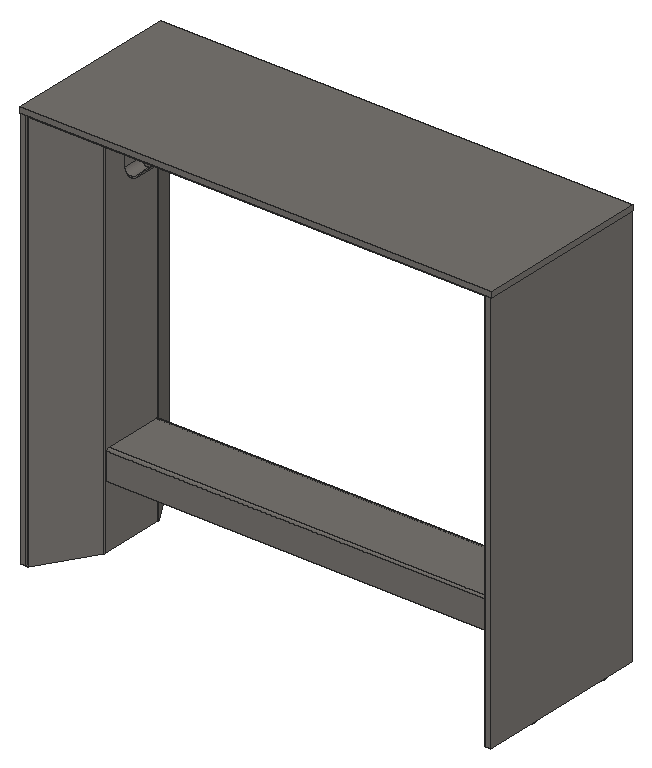
Revit family "revitupgrade", category Furniture, Revit 2020
Family settings
  OmniClass Number = 23.40.70.14.64.11
  OmniClass Title = Office Furniture
  Work Plane-Based = No
  Always vertical = Yes
  Cut with Voids When Loaded = No
  Shared = No
  Room Calculation Point = No
Parameters (values of type "48W")
  Width = 48.00"
  URL = "https://www.steelcase.com/products/lounge-chairs/turnstone-campfire-collection/"
  Top [instance] = Steelcase - 25L6 Blackwood LPL
  Symbol Name = "TS4TPSTS48A,TS4TPSTS48A2,TS4TPSTS48A3"
  Style Number(s) = "TS4TPSTS48"
  Release Date = "January 2022"  # constant formula
  Receptacle = Steelcase - 6249 Platinum Solid
  Manufacturer = "Steelcase"  # constant formula
  Frame [instance] = Steelcase - 25L6 Blackwood LPL
  Footshelf [instance] = Steelcase - 25L6 Blackwood LPL
  Description = "Campfires draw us together. They create closeness in open space. They are the center of attention"  # constant formula
  Default Elevation = 0.00"
  Copyright = "© 2010 Steelcase Inc."  # constant formula
  AutoCAD Tag = "48"
  Assembly Code = "E2020200"
Types (2): name | Width | Symbol Name | Style Number(s) | AutoCAD Tag
  60W | 60.00" | "TS4TPSTS60A5,TS4TPSTS60A6,TS4TPSTS60A4" | "TS4TPSTS60" | "60"
  48W | 48.00" | "TS4TPSTS48A,TS4TPSTS48A2,TS4TPSTS48A3" | "TS4TPSTS48" | "48"
Reference planes (in)
  plane 1 "Center Front/Back": y = 0
  plane 2 "Bottom": z = 0
  plane 3 "Center Left/Right": x = 0
  plane 4: x = 48
  plane 5: z = 0.3189
  plane 6: y = -0.0395
  plane 7: y = -17.96063
  plane 8: y = -17.99999
  plane 9: x = 0.07855
  plane 10: x = 47.92143
  plane 11: x = 47.40648
  plane 12: x = 0.59351
  plane 13: x = 0.77099
  plane 14: through (0, -14.08785, 38.93183) normal (0, -0.5323, -0.8465)
  plane 15: through (0, -0.97067, 40.78146) normal (0, -0.5323, 0.8465)
  plane 16: y = -9
  plane 17: x = 4.22243
  plane 18: x = 43.77769
  plane 19: x = 24
Forms (in)
  Extrusion 1, solid, material "Steelcase - 25L6 Blackwood LPL" <- "Top"
    sketch origin (0, 0, 0) x (1, 0, 0) y (0, 1, 0)
      loop
        line (0, -0.0395) -> (0, -17.99999) -> (48, -17.99999) -> (48, -0.0395) -> (0, -0.0395)
    from 41.46425 to 42.01424
  Extrusion 2, solid, material "Steelcase - 25L6 Blackwood LPL" <- "Top"
    sketch origin (0, 0, 0) x (1, 0, 0) y (0, 0, 1)
      loop
        line (0.07855, 41.46425) -> (0.07855, 0.3189) -> (0.59351, 0.3189) -> (0.59351, 41.46425) -> (0.07855, 41.46425)
      loop
        line (47.40648, 41.46425) -> (47.40648, 0.3189) -> (47.92143, 0.3189) -> (47.92143, 41.46425) -> (47.40648, 41.46425)
    from 0.0395 to 17.96063
  Extrusion 3, solid, material "Steelcase - 25L6 Blackwood LPL" <- "Frame"
    sketch origin (66, 0, 0) x (-1, 0, 0) y (0, -1, 0)
      loop
        line (18.59352, 17.82528) -> (18.59352, 0.17703)
        arc (18.59352, 0.17703) -> (18.67384, 0.06783) -> (18.80201, 0.11197) r 0.11439
        line (18.80201, 0.11197) -> (22.1626, 5.49014)
        arc (22.1626, 5.49014) -> (22.20708, 5.59007) -> (22.22231, 5.69838) r 0.39298
        line (22.22231, 5.69838) -> (22.22231, 12.29793)
        arc (22.22231, 12.29793) -> (22.20659, 12.40978) -> (22.16065, 12.51296) r 0.40578
        line (22.16065, 12.51296) -> (18.79981, 17.89153)
        arc (18.79981, 17.89153) -> (18.67251, 17.93361) -> (18.59352, 17.82528) r 0.11378
    from 0.3189 to 41.46425
  Extrusion 4, solid, material "Steelcase - 25L6 Blackwood LPL" <- "Frame"
    sketch origin (0, 0, 0) x (0, 1, 0) y (0, 0, 1)
      loop
        line (-5.46283, 37.95673) -> (-0.24075, 41.24044)
        arc (-0.24075, 41.24044) -> (-0.18881, 41.37662) -> (-0.30527, 41.46425) r 0.1212
        line (-0.30527, 41.46425) -> (-17.6872, 41.46425)
        arc (-17.6872, 41.46425) -> (-17.80574, 41.37505) -> (-17.75287, 41.23644) r 0.12337
        line (-17.75287, 41.23644) -> (-12.53716, 37.95673)
        arc (-12.53716, 37.95673) -> (-12.4095, 37.89956) -> (-12.271, 37.88) r 0.5
        line (-12.271, 37.88) -> (-5.72899, 37.88)
        arc (-5.72899, 37.88) -> (-5.59049, 37.89956) -> (-5.46283, 37.95673) r 0.5
    from 0.59351 to 47.40648
  Extrusion 5, solid, material "Steelcase - 6205 Black"
    sketch origin (0, 0, 0) x (1, 0, 0) y (0, 1, 0)
      loop
        circle (0.77099, -3.1212) r 0.5
      loop
        circle (0.77099, -12.10628) r 0.5
      loop
        circle (47.17229, -3.12265) r 0.5
      loop
        circle (47.17069, -12.10628) r 0.5
    from 0 to 0.3189
  Extrusion 6, solid, material "Steelcase - 25L6 Blackwood LPL" <- "Footshelf"
    sketch origin (0, 0, 0) x (0, 1, 0) y (0, 0, 1)
      loop
        arc (-5.93237, 9.74631) -> (-5.83589, 9.70634) -> (-5.79592, 9.60986) r 0.13645
        line (-5.79592, 9.60986) -> (-5.79592, 6.84929) -> (-5.69293, 6.84929) -> (-5.69293, 9.61591)
        arc (-5.69293, 9.61591) -> (-5.76128, 9.78094) -> (-5.92631, 9.84929) r 0.23339
        line (-5.92631, 9.84929) -> (-12.07776, 9.84929)
        arc (-12.07776, 9.84929) -> (-12.23993, 9.78212) -> (-12.30711, 9.61995) r 0.22935
        line (-12.30711, 9.61995) -> (-12.30711, 6.85081) -> (-12.20411, 6.85081) -> (-12.20411, 9.61509)
        arc (-12.20411, 9.61509) -> (-12.16568, 9.70788) -> (-12.07289, 9.74631) r 0.13122
        line (-12.07289, 9.74631) -> (-5.93237, 9.74631)
    from 4.22243 to 43.77769
  Extrusion 7, solid, material "Steelcase - 25L6 Blackwood LPL" <- "Frame"
    sketch origin (-6, 0, 0) x (1, 0, 0) y (0, 1, 0)
      loop
        arc (6.59351, -17.82528) -> (6.67255, -17.93363) -> (6.79986, -17.89144) r 0.11378
        line (6.79986, -17.89144) -> (10.16077, -12.51277)
        arc (10.16077, -12.51277) -> (10.20671, -12.40959) -> (10.22243, -12.29774) r 0.40578
        line (10.22243, -12.29774) -> (10.22243, -5.69857)
        arc (10.22243, -5.69857) -> (10.2072, -5.59026) -> (10.16271, -5.49033) r 0.39298
        line (10.16271, -5.49033) -> (6.80208, -0.11209)
        arc (6.80208, -0.11209) -> (6.6739, -0.06781) -> (6.59351, -0.17703) r 0.11439
        line (6.59351, -0.17703) -> (6.59351, -17.82528)
    from 0.3189 to 41.46425
  Extrusion 8, solid, material "Steelcase - 25L6 Blackwood LPL" <- "Frame"
    sketch origin (0, 0, 0) x (1, 0, 0) y (0, 0, 1)
      loop
        line (4.2975, 36.63669) -> (4.22243, 36.63669) -> (4.22243, 34.55698)
        arc (4.22243, 34.55698) -> (4.69147, 33.86159) -> (5.51193, 34.03598) r 0.75
        line (5.51193, 34.03598) -> (6.62404, 35.1876) -> (6.57224, 35.23939) -> (5.4602, 34.08784)
        arc (5.4602, 34.08784) -> (4.72042, 33.93059) -> (4.2975, 34.5576) r 0.67625
        line (4.2975, 34.5576) -> (4.2975, 36.63669)
    from 7.99996 to 9.99998
  Extrusion 9, solid, material "Steelcase - 25L6 Blackwood LPL" <- "Frame"
    sketch origin (48, 0, 0) x (-1, 0, 0) y (0, 0, -1)
      loop
        line (4.2975, -36.63669) -> (4.2975, -34.5576)
        arc (4.2975, -34.5576) -> (4.72042, -33.93059) -> (5.4602, -34.08784) r 0.67625
        line (5.4602, -34.08784) -> (6.57224, -35.23939) -> (6.62404, -35.1876) -> (5.51181, -34.03586)
        arc (5.51181, -34.03586) -> (4.69135, -33.86146) -> (4.22231, -34.55685) r 0.75
        line (4.22231, -34.55685) -> (4.22231, -36.63669) -> (4.2975, -36.63669)
    from 7.99996 to 9.99998
  Extrusion 10, void
    sketch origin (-0.15625, 0, 0) x (1, 0, 0) y (0, 1, 0)
      loop
        line (5.26271, -7.97571) -> (6.26611, -8.10659)
        arc (6.26611, -8.10659) -> (6.44211, -8.20789) -> (6.53029, -8.39082) r 0.34391
        line (6.53029, -8.39082) -> (6.53029, -9.60918)
        arc (6.53029, -9.60918) -> (6.43486, -9.79968) -> (6.24552, -9.89741) r 0.34391
        line (6.24552, -9.89741) -> (5.05829, -10.02138) -> (5.05829, -10.24996) -> (7.2102, -10.24996) -> (7.2102, -7.49996) -> (5.26271, -7.49996) -> (5.26271, -7.97571)
    from 20.31768 to 36.63669
  Extrusion 11, void
    sketch origin (48.15625, 0, 0) x (-1, 0, 0) y (0, -1, 0)
      loop
        line (5.26271, 7.97571) -> (5.26271, 7.49996) -> (7.2102, 7.49996) -> (7.2102, 10.24996) -> (5.05829, 10.24996) -> (5.05829, 10.02138) -> (6.24552, 9.89741)
        arc (6.24552, 9.89741) -> (6.43486, 9.79968) -> (6.53029, 9.60918) r 0.34391
        line (6.53029, 9.60918) -> (6.53029, 8.39082)
        arc (6.53029, 8.39082) -> (6.44211, 8.20789) -> (6.26611, 8.10659) r 0.34391
        line (6.26611, 8.10659) -> (5.26271, 7.97571)
    from 20.31768 to 36.63669
  Extrusion 12, solid, material "Steelcase - 6249 Platinum Solid" <- "Receptacle"
    sketch origin (0, -14.08785, 38.93183) x (0, -0.846544, 0.532319) y (-1, 0, 0)
      loop
        line (1.84584, -22.42039) -> (0.0962, -22.42039) -> (0.0962, -25.56436) -> (1.84584, -25.56436) -> (1.84584, -22.42039)
    from 0 to 0.06421
  Extrusion 13, solid, material "Steelcase - 6249 Platinum Solid" <- "Receptacle"
    sketch origin (0, -14.12203, 38.87747) x (0, -0.846544, 0.532319) y (-1, 0, 0)
      loop
        line (1.79268, -23.46387) -> (0.29268, -23.46387) -> (0.29268, -24.53613) -> (1.79268, -24.53613) -> (1.79268, -23.46387)
      loop
        line (1.59888, -23.68635) -> (0.80293, -23.68635) -> (0.80293, -23.81246) -> (1.59888, -23.81246) -> (1.59888, -23.68635)
      loop
        line (1.56539, -24.17851) -> (0.93407, -24.17851) -> (0.93407, -24.30135) -> (1.56539, -24.30135) -> (1.56539, -24.17851)
      loop
        line (1.00537, -23.88104) -> (0.6373, -23.88104) -> (0.6373, -24.12519) -> (1.00537, -24.12519) -> (1.00537, -23.88104)
    from 0 to 0.04
  Extrusion 14, solid, material "Steelcase - 6249 Platinum Solid" <- "Receptacle"
    sketch origin (0, -3.91214, 38.93183) x (0, 0.846544, 0.532319) y (1, 0, 0)
      loop
        line (1.84584, 22.42039) -> (1.84584, 25.56436) -> (0.0962, 25.56436) -> (0.0962, 22.42039) -> (1.84584, 22.42039)
    from 0 to 0.06421
  Extrusion 15, solid, material "Steelcase - 6249 Platinum Solid" <- "Receptacle"
    sketch origin (0, -3.87796, 38.87747) x (0, 0.846544, 0.532319) y (1, 0, 0)
      loop
        line (1.79268, 23.46387) -> (1.79268, 24.53613) -> (0.29268, 24.53613) -> (0.29268, 23.46387) -> (1.79268, 23.46387)
      loop
        line (1.59888, 23.68635) -> (1.59888, 23.81246) -> (0.80293, 23.81246) -> (0.80293, 23.68635) -> (1.59888, 23.68635)
      loop
        line (1.56539, 24.17851) -> (1.56539, 24.30135) -> (0.93407, 24.30135) -> (0.93407, 24.17851) -> (1.56539, 24.17851)
      loop
        line (1.00537, 23.88104) -> (1.00537, 24.12519) -> (0.6373, 24.12519) -> (0.6373, 23.88104) -> (1.00537, 23.88104)
    from 0 to 0.04
Cuts and joins
  Extrusion 10 cuts Extrusion 6
  Extrusion 10, Extrusion 11 cuts Extrusion 8
  Extrusion 11 cuts Extrusion 9
Lines and regions (in)
  Masking region 1
    outline origin (0, 0, 0) x (1, 0, 0) y (0, 1, 0)
      loop
        line (48, 0) -> (0, 0) -> (0, -17.99999) -> (48, -17.99999) -> (48, 0)
Dimensions and locks (in)
  locked: plane 5 to plane 2 "Bottom" at 0.3189
  plane 3 "Center Left/Right" to plane 9 to plane 12 to plane 13 to plane 17 = 0.07855" locked, 0.51496" locked, 0.17748" locked, 3.45144" locked
  plane 18 to plane 11 to plane 10 to plane 4 = 3.62879" locked, 0.51495" locked, 0.07857" locked
  equal spacing: plane 1 "Center Front/Back", plane 16, plane 8
  locked: plane 6 to plane 1 "Center Front/Back" at 0.0395
  locked: plane 8 to plane 7 at 0.03937
  "Width": plane 3 "Center Left/Right" to plane 4
  equal spacing: plane 3 "Center Left/Right", plane 19, plane 4
  locked: plane 18 to Extrusion 9 sketch curve at 0.07519
  locked: plane 16 to Extrusion 10 sketch curve at 1.50003
  locked: Extrusion 10 sketch curve to plane 16 at 1.24997
  plane 17 to Extrusion 10 sketch curve = 0.88403"
  Extrusion 12 sketch curve to plane 19 to Extrusion 12 sketch curve = 1.56436" locked, 1.57961" locked
  equal spacing: Extrusion 13 sketch curve, plane 19, Extrusion 13 sketch curve, locked at 0.53613 each
  Extrusion 13 sketch curve to Extrusion 13 sketch curve to plane 19 to Extrusion 13 sketch curve to Extrusion 13 sketch curve = 0.12284" locked, 0.17851" locked, 0.18754" locked, 0.12611" locked
  Extrusion 13 sketch curve to plane 19 to Extrusion 13 sketch curve = 0.12519" locked, 0.11896" locked
  Extrusion 14 sketch curve to Extrusion 14 sketch curve = 3.14397"
  Extrusion 15 sketch curve to Extrusion 15 sketch curve = 1.07225"
  Extrusion 15 sketch curve to Extrusion 15 sketch curve to Extrusion 15 sketch curve to Extrusion 15 sketch curve = 0.12611" locked, 0.36605", 0.12284" locked
  Extrusion 15 sketch curve to Extrusion 15 sketch curve = 0.24416"
  aligned and locked: level to plane 2 "Bottom"
  aligned and locked: Extrusion 1 to plane 6
  aligned and locked: plane 7 to Extrusion 2
  aligned and locked: plane 8 to Extrusion 1
  aligned and locked: Extrusion 2 to plane 7  (x2)
  aligned and locked: Extrusion 2 to plane 6
  aligned and locked: Extrusion 3 to plane 11
  aligned and locked: plane 11 to Extrusion 2
  aligned and locked: plane 12 to Extrusion 2
  aligned and locked: plane 5 to Extrusion 5
  aligned and locked: Extrusion 4 to plane 11
  aligned and locked: Extrusion 6 to plane 17
  aligned and locked: Extrusion 6 to plane 18
  aligned and locked: plane 18 to Extrusion 3 sketch curve
  aligned and locked: Extrusion 3 sketch curve to plane 11
  aligned and locked: plane 12 to Extrusion 7 sketch curve
  aligned and locked: Extrusion 7 sketch curve to plane 17
  aligned and locked: plane 18 to Extrusion 9 sketch curve
Automatic sketch dimensions
  Extrusion 12 sketch curve to Extrusion 12 sketch curve = 1.74964"
  Extrusion 13 sketch curve to Extrusion 12 = 0.19648"
  Extrusion 13 sketch curve to Extrusion 13 sketch curve = 0.34461"
  Extrusion 13 sketch curve to Extrusion 13 sketch curve = 0.29678"
  Extrusion 13 sketch curve to Extrusion 13 sketch curve = 0.16563"
  Extrusion 13 sketch curve to Extrusion 13 sketch curve = 0.0713"
  Extrusion 13 sketch curve to Extrusion 12 = 0.28045"
  Extrusion 13 sketch curve to Extrusion 12 = 0.24696"
  Extrusion 13 sketch curve to Extrusion 12 = 0.05316"
  Extrusion 13 sketch curve to Extrusion 13 sketch curve = 0.22248"
  Extrusion 1 sketch curve to plane 3 "Center Left/Right" = 0.00"
  Extrusion 1 sketch curve to plane 4 = 0.00"
  plane 8 to Extrusion 1 sketch curve = 0.00"
  plane 6 to Extrusion 1 sketch curve = 0.00"
  Extrusion 2 sketch curve to plane 5 = 0.00"  (x2)
  Extrusion 2 sketch curve to plane 9 = 0.00"
  Extrusion 2 sketch curve to plane 12 = 0.00"
  plane 11 to Extrusion 2 sketch curve = 0.00"
  plane 10 to Extrusion 2 sketch curve = 0.00"
  Extrusion 2 sketch curve to Extrusion 2 sketch curve = 41.14535"
  plane 5 to Extrusion 2 sketch curve = 41.14535"
  plane 1 "Center Front/Back" to Masking region 1 sketch curve = 0.00"
  Masking region 1 sketch curve to plane 3 "Center Left/Right" = 0.00"
  Masking region 1 sketch curve to plane 4 = 0.00"
  plane 8 to Masking region 1 sketch curve = 0.00"
  Extrusion 3 sketch curve to Extrusion 3 sketch curve = 0.11378"
  Extrusion 3 sketch curve to Extrusion 3 sketch curve = 0.11439"
  plane 7 to Extrusion 3 sketch curve = 0.0691"
  Extrusion 3 sketch curve to Extrusion 3 sketch curve = 0.09251"
  Extrusion 3 sketch curve to plane 6 = 0.07247"
  Extrusion 3 sketch curve to Extrusion 3 sketch curve = 0.09409"
  plane 18 to Extrusion 3 sketch curve = 0.40578"
  plane 18 to Extrusion 3 sketch curve = 0.39298"
  plane 18 to Extrusion 3 sketch curve = 0.06166"
  plane 18 to Extrusion 3 sketch curve = 0.05971"
  Extrusion 3 sketch curve to plane 16 = 3.51296"
  plane 16 to Extrusion 3 sketch curve = 3.30161"
  Extrusion 4 sketch curve to plane 14 = 0.00"
  plane 14 to Extrusion 4 sketch curve = 0.00"
  Extrusion 4 sketch curve to plane 15 = 0.00"
  plane 15 to Extrusion 4 sketch curve = 0.00"
  Extrusion 4 sketch curve to plane 7 = 0.20775"
  Extrusion 4 sketch curve to Extrusion 4 sketch curve = 0.06567"
  plane 16 to Extrusion 4 sketch curve = 3.53716"
  Extrusion 4 sketch curve to Extrusion 4 sketch curve = 0.26616"  (x2)
  Extrusion 4 sketch curve to plane 16 = 3.27101"
  plane 6 to Extrusion 4 sketch curve = 0.26577"
  Extrusion 4 sketch curve to Extrusion 4 sketch curve = 0.06452"
  Extrusion 4 sketch curve to Extrusion 4 sketch curve = 0.07673"
  Extrusion 4 sketch curve to Extrusion 4 sketch curve = 0.10444"
  Extrusion 5 sketch curve to plane 13 = 0.00"  (x2)
  plane 11 to Extrusion 5 sketch curve = 0.23578"
  plane 11 to Extrusion 5 sketch curve = 0.23419"
  plane 16 to Extrusion 5 sketch curve = 3.10628"  (x2)
  plane 6 to Extrusion 5 sketch curve = 3.08315"
  plane 6 to Extrusion 5 sketch curve = 3.0817"
  plane 16 to Extrusion 6 sketch curve = 3.30711"
  Extrusion 6 sketch curve to Extrusion 6 sketch curve = 0.103"  (x2)
  Extrusion 6 sketch curve to Extrusion 6 sketch curve = 0.12635"
  Extrusion 6 sketch curve to Extrusion 6 sketch curve = 0.00487"
  Extrusion 6 sketch curve to plane 16 = 3.06762"
  Extrusion 6 sketch curve to Extrusion 6 sketch curve = 0.00606"
  Extrusion 6 sketch curve to Extrusion 6 sketch curve = 0.13039"
  plane 5 to Extrusion 6 sketch curve = 6.53039"
  Extrusion 6 sketch curve to Extrusion 6 sketch curve = 0.00151"
  Extrusion 6 sketch curve to Extrusion 6 sketch curve = 2.76056"
  Extrusion 6 sketch curve to Extrusion 6 sketch curve = 0.00605"
  Extrusion 7 sketch curve to plane 13 = 0.06369"
  Extrusion 7 sketch curve to plane 13 = 0.06308"
  plane 13 to Extrusion 7 sketch curve = 0.02887"
  plane 13 to Extrusion 7 sketch curve = 0.03109"
  Extrusion 7 sketch curve to plane 17 = 0.40578"
  Extrusion 7 sketch curve to Extrusion 7 sketch curve = 0.39298"
  Extrusion 7 sketch curve to plane 17 = 0.06166"
  Extrusion 7 sketch curve to plane 17 = 0.05971"
  Extrusion 7 sketch curve to plane 7 = 0.06918"
  plane 16 to Extrusion 7 sketch curve = 3.51277"
  Extrusion 7 sketch curve to plane 16 = 3.30142"
  plane 6 to Extrusion 7 sketch curve = 0.13753"
  Extrusion 8 sketch curve to plane 17 = 0.00"
  Extrusion 8 sketch curve to Extrusion 8 sketch curve = 0.07507"
  Extrusion 8 sketch curve to Extrusion 8 sketch curve = 0.67493"
  Extrusion 8 sketch curve to Extrusion 8 sketch curve = 0.00132"
  Extrusion 8 sketch curve to Extrusion 8 sketch curve = 0.48645"
  Extrusion 8 sketch curve to Extrusion 8 sketch curve = 0.05173"
  Extrusion 8 sketch curve to Extrusion 8 sketch curve = 1.11204"
  Extrusion 8 sketch curve to Extrusion 8 sketch curve = 0.05179"  (x2)
  plane 5 to Extrusion 8 sketch curve = 33.71708"
  Extrusion 8 sketch curve to Extrusion 8 sketch curve = 0.05186"
  Extrusion 8 sketch curve to Extrusion 8 sketch curve = 1.15162"
  Extrusion 8 sketch curve to Extrusion 8 sketch curve = 2.07971"
  Extrusion 9 sketch curve to Extrusion 9 sketch curve = 0.67481"
  Extrusion 9 sketch curve to Extrusion 9 sketch curve = 0.00144"
  Extrusion 9 sketch curve to Extrusion 9 sketch curve = 0.48645"
  Extrusion 9 sketch curve to Extrusion 9 sketch curve = 0.05161"
  Extrusion 9 sketch curve to Extrusion 9 sketch curve = 1.11204"
  Extrusion 9 sketch curve to Extrusion 9 sketch curve = 0.05179"  (x2)
  Extrusion 9 sketch curve to plane 5 = 33.71696"
  Extrusion 9 sketch curve to Extrusion 9 sketch curve = 0.05198"
  Extrusion 9 sketch curve to Extrusion 9 sketch curve = 1.15174"
  Extrusion 9 sketch curve to Extrusion 9 sketch curve = 2.07984"
  plane 17 to Extrusion 10 sketch curve = 0.67962"
  plane 16 to Extrusion 10 sketch curve = 0.55797"
  Extrusion 10 sketch curve to Extrusion 10 sketch curve = 1.13191"
  Extrusion 10 sketch curve to Extrusion 10 sketch curve = 0.9275"
  plane 16 to Extrusion 10 sketch curve = 0.89741"
  Extrusion 10 sketch curve to Extrusion 10 sketch curve = 0.05531"
  Extrusion 10 sketch curve to plane 16 = 0.89341"
  Extrusion 10 sketch curve to Extrusion 10 sketch curve = 0.0759"
  Extrusion 10 sketch curve to Extrusion 10 sketch curve = 0.34008"
  Extrusion 10 sketch curve to Extrusion 10 sketch curve = 0.67991"
  Extrusion 10 sketch curve to Extrusion 10 sketch curve = 0.22859"
  Extrusion 10 sketch curve to Extrusion 10 sketch curve = 0.33543"
  Extrusion 10 sketch curve to Extrusion 10 sketch curve = 0.47575"
  Extrusion 11 sketch curve to plane 18 = 0.67974"
  Extrusion 11 sketch curve to plane 18 = 0.88415"
  Extrusion 11 sketch curve to plane 16 = 0.55797"
  Extrusion 11 sketch curve to Extrusion 11 sketch curve = 1.13191"
  Extrusion 11 sketch curve to Extrusion 11 sketch curve = 0.9275"
  Extrusion 11 sketch curve to plane 16 = 0.89741"
  Extrusion 11 sketch curve to Extrusion 11 sketch curve = 0.05531"
  plane 16 to Extrusion 11 sketch curve = 0.89341"
  Extrusion 11 sketch curve to Extrusion 11 sketch curve = 0.0759"
  Extrusion 11 sketch curve to Extrusion 11 sketch curve = 0.34008"
  Extrusion 11 sketch curve to Extrusion 11 sketch curve = 0.67991"
  Extrusion 11 sketch curve to plane 16 = 1.02138"
  Extrusion 11 sketch curve to Extrusion 11 sketch curve = 0.22859"
  Extrusion 11 sketch curve to Extrusion 11 sketch curve = 0.33543"
  Extrusion 11 sketch curve to Extrusion 11 sketch curve = 0.13088"
  Extrusion 11 sketch curve to Extrusion 11 sketch curve = 0.47575"
  plane 19 to Extrusion 14 sketch curve = 1.57961"
  Extrusion 14 sketch curve to Extrusion 14 sketch curve = 1.74964"
  Extrusion 15 sketch curve to Extrusion 14 = 0.19648"
  Extrusion 15 sketch curve to Extrusion 15 sketch curve = 0.34461"
  Extrusion 15 sketch curve to Extrusion 15 sketch curve = 0.16563"
  Extrusion 15 sketch curve to Extrusion 15 sketch curve = 0.29678"
  Extrusion 15 sketch curve to Extrusion 15 sketch curve = 0.20244"
  Extrusion 15 sketch curve to Extrusion 14 = 0.28045"
  Extrusion 15 sketch curve to Extrusion 14 = 0.24696"
  Extrusion 15 sketch curve to Extrusion 14 = 0.05316"
  Extrusion 15 sketch curve to Extrusion 14 = 1.04348"
  Extrusion 15 sketch curve to Extrusion 15 sketch curve = 0.22248"
  Extrusion 15 sketch curve to Extrusion 15 sketch curve = 0.06858"
  Extrusion 15 sketch curve to Extrusion 15 sketch curve = 0.41093"
  radius of Extrusion 5 sketch curve = 0.50"  (x4)
